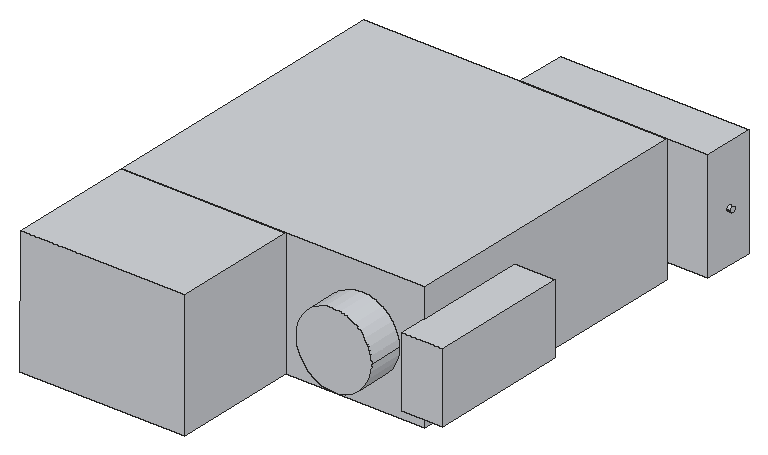
Revit family "ESTE-SERIES", category Mechanical Equipment, Revit 2018
Family settings
  Round Connector Dimension = Use Diameter
  Part Type = Normal
  OmniClass Number = 23.75.00.00
  OmniClass Title = Climate Control (HVAC)
  Work Plane-Based = No
  Always vertical = Yes
  Cut with Voids When Loaded = No
  Shared = No
  Room Calculation Point = No
Parameters (values of type "ESTE-3/4-HP-12R-S/ELBOW")
  Sound Elbow for RH = yes
  Sound Elbow for LH = no
  Q5Q = 1' - 8"
  Q5B = 2' - 0"
  Q5A = 1' - 8"
  Power Connect for RH = yes
  Power Connect for LH = no
  Model = "ESTE"
  Manufacturer = "ANEMOSTAT"
  Keynote = ""
  Inlet-offset = 0' - 4"
  Inlet for RH = yes
  Inlet for LH = no
  Inlet S = 0' - 5 1/2"
  Inlet Radius = Inlet Dia / 2  # 0' - 5 15/16"
  Inlet Dia = 0' - 11 7/8"
  Induction for RH = no
  Induction for LH = no
  Enclosure for RH = yes
  Enclosure for LH = no
  EnclWdim = 0' - 11 1/8"
  EnclOffset = 0' - 4 1/2"
  EnclLdim = 1' - 10 1/4"
  EnclHdim = 0' - 6 1/2"
  ESTH-offset = 0' - 6 1/2"
  ESTH-flange = 0' - 0 3/4"
  ESTH-depth = 0' - 8"
  ESTH-OAW = 2' - 5 1/4"
  ESTH-OAH = 1' - 5 1/2"
  ESTH for RH = yes
  ESTH for LH = no
  ESTE Discharge Offset = 0' - 4 1/2"
  Discharge for RH = yes
  Discharge for LH = no
  Discharge Width X = 1' - 7"
  Discharge Height Y = 1' - 4"
  Description = "SERIES ELECTRIC HEAT"
  DUCT-FLANGE = 0' - 1"
  DUCT-D = 1' - 6"
  DUCT-C = 1' - 9"
  Box W = 4' - 0"
  Box L = 4' - 0"
  Box H = 1' - 8"
  BoX H = 1' - 8"
Types (92): name | Sound Elbow for RH | Sound Elbow for LH | Q5Q | Q5B | Q5A | Power Connect for RH | Power Connect for LH | Model | Manufacturer | Inlet for RH | Inlet for LH | Inlet Radius | Inlet Dia | Induction for RH | Induction for LH | Enclosure for RH | Enclosure for LH | ESTH-OAW | ESTH-OAH | ESTH for RH | ESTH for LH | ESTE Discharge Offset | Discharge for RH | Discharge for LH | Discharge Width X | Discharge Height Y | Description | DUCT-D | DUCT-C | Box W | Box L | Box H | BoX H
  ESTE-1/2-HP-10L-S/ELBOW | no | yes | 1' - 6" | 1' - 6" | 1' - 6" | no | yes | "ESTE" | "ANEMOSTAT" | no | yes | 0' - 3 15/16" | 0' - 7 7/8" | no | no | no | yes | 1' - 9 3/4" | 1' - 0 1/2" | no | yes | 0' - 4 1/2" | no | yes | 0' - 11 1/2" | 0' - 11" | "SERIES ELECTRIC HEAT" | 1' - 4" | 1' - 0" | 2' - 8" | 3' - 0" | 1' - 6" | 1' - 6"
  ESTE-3/4-HP-10L-S/ELBOW | no | yes | 1' - 8" | 2' - 0" | 1' - 8" | no | yes | "ESTE" | "ANEMOSTAT" | no | yes | 0' - 4 15/16" | 0' - 9 7/8" | no | no | no | yes | 2' - 5 1/4" | 1' - 5 1/2" | no | yes | 0' - 4 1/2" | no | yes | 1' - 7" | 1' - 4" | "SERIES ELECTRIC HEAT" | 1' - 6" | 1' - 9" | 4' - 0" | 4' - 0" | 1' - 8" | 1' - 8"
  ESTE-1-HP-10L-S/ELBOW | no | yes | 1' - 8" | 2' - 0" | 1' - 8" | no | yes | "ESTE" | "ANEMOSTAT" | no | yes | 0' - 4 15/16" | 0' - 9 7/8" | no | no | no | yes | 2' - 5 1/4" | 1' - 5 1/2" | no | yes | 0' - 4 1/2" | no | yes | 1' - 7" | 1' - 4" | "SERIES ELECTRIC HEAT" | 1' - 6" | 1' - 9" | 4' - 0" | 4' - 0" | 1' - 8" | 1' - 8"
  ESTE-1/3-HP-10L-S/ELBOW | no | yes | 1' - 6" | 1' - 6" | 1' - 6" | no | yes | "ESTE" | "ANEMOSTAT" | no | yes | 0' - 4 15/16" | 0' - 9 7/8" | no | no | no | yes | 1' - 9 3/4" | 1' - 0 1/2" | no | yes | 0' - 4 1/2" | no | yes | 0' - 11 1/2" | 0' - 11" | "SERIES ELECTRIC HEAT" | 1' - 4" | 1' - 0" | 2' - 8" | 3' - 0" | 1' - 6" | 1' - 6"
  ESTE-1/2-HP-12L-S/ELBOW | no | yes | 1' - 6" | 1' - 8" | 1' - 6" | no | yes | "ESTE" | "ANEMOSTAT" | no | yes | 0' - 5 15/16" | 0' - 11 7/8" | no | no | no | yes | 2' - 0 1/4" | 1' - 1 1/2" | no | yes | 0' - 4 1/2" | no | yes | 1' - 2" | 1' - 0" | "SERIES ELECTRIC HEAT" | 1' - 4" | 1' - 5" | 3' - 4" | 3' - 4" | 1' - 6" | 1' - 6"
  ESTE-1/2-HP-14L-S/ELBOW | no | yes | 1' - 6" | 1' - 8" | 1' - 6" | no | yes | "ESTE" | "ANEMOSTAT" | no | yes | 0' - 6 15/16" | 1' - 1 7/8" | no | no | no | yes | 2' - 0 1/4" | 1' - 1 1/2" | no | yes | 0' - 4 1/2" | no | yes | 1' - 2" | 1' - 0" | "SERIES ELECTRIC HEAT" | 1' - 4" | 1' - 5" | 3' - 4" | 3' - 4" | 1' - 6" | 1' - 6"
  ESTE-1/2-HP-9L-S/ELBOW | no | yes | 1' - 6" | 1' - 8" | 1' - 6" | no | yes | "ESTE" | "ANEMOSTAT" | no | yes | 0' - 4 7/16" | 0' - 8 7/8" | no | no | no | yes | 2' - 0 1/4" | 1' - 1 1/2" | no | yes | 0' - 4 1/2" | no | yes | 1' - 2" | 1' - 0" | "SERIES ELECTRIC HEAT" | 1' - 4" | 1' - 5" | 3' - 4" | 3' - 4" | 1' - 6" | 1' - 6"
  ESTE-1/2-HP-8L-S/ELBOW | no | yes | 1' - 6" | 1' - 8" | 1' - 6" | no | yes | "ESTE" | "ANEMOSTAT" | no | yes | 0' - 3 15/16" | 0' - 7 7/8" | no | no | no | yes | 2' - 0 1/4" | 1' - 1 1/2" | no | yes | 0' - 4 1/2" | no | yes | 1' - 2" | 1' - 0" | "SERIES ELECTRIC HEAT" | 1' - 4" | 1' - 5" | 3' - 4" | 3' - 4" | 1' - 6" | 1' - 6"
  ESTE-1/2-HP-7L-S/ELBOW | no | yes | 1' - 6" | 1' - 8" | 1' - 6" | no | yes | "ESTE" | "ANEMOSTAT" | no | yes | 0' - 3 7/16" | 0' - 6 7/8" | no | no | no | yes | 2' - 0 1/4" | 1' - 1 1/2" | no | yes | 0' - 4 1/2" | no | yes | 1' - 2" | 1' - 0" | "SERIES ELECTRIC HEAT" | 1' - 4" | 1' - 5" | 3' - 4" | 3' - 4" | 1' - 6" | 1' - 6"
  ESTE-1/2-HP-6L-S/ELBOW | no | yes | 1' - 6" | 1' - 8" | 1' - 6" | no | yes | "ESTE" | "ANEMOSTAT" | no | yes | 0' - 2 15/16" | 0' - 5 7/8" | no | no | no | yes | 2' - 0 1/4" | 1' - 1 1/2" | no | yes | 0' - 4 1/2" | no | yes | 1' - 2" | 1' - 0" | "SERIES ELECTRIC HEAT" | 1' - 4" | 1' - 5" | 3' - 4" | 3' - 4" | 1' - 6" | 1' - 6"
  ESTE-3/4-HP-7L-S/ELBOW | no | yes | 1' - 8" | 2' - 0" | 1' - 8" | no | yes | "ESTE" | "ANEMOSTAT" | no | yes | 0' - 3 7/16" | 0' - 6 7/8" | no | yes | no | yes | 2' - 5 1/4" | 1' - 5 1/2" | no | yes | 0' - 4 1/2" | no | yes | 1' - 7" | 1' - 4" | "SERIES ELECTRIC HEAT" | 1' - 6" | 1' - 9" | 4' - 0" | 4' - 0" | 1' - 8" | 1' - 8"
  ESTE-3/4-HP-8L-W/OUT S/ELBOW | no | no | 1' - 8" | 2' - 0" | 1' - 8" | no | yes | "ESTE" | "ANEMOSTAT" | no | yes | 0' - 3 15/16" | 0' - 7 7/8" | no | yes | no | yes | 2' - 5 1/4" | 1' - 5 1/2" | no | yes | 0' - 4 1/2" | no | yes | 1' - 7" | 1' - 4" | "SERIES ELECTRIC HEAT" | 1' - 6" | 1' - 9" | 4' - 0" | 4' - 0" | 1' - 8" | 1' - 8"
  ESTE-3/4-HP-9L-S/ELBOW | no | yes | 1' - 8" | 2' - 0" | 1' - 8" | no | yes | "ESTE" | "ANEMOSTAT" | no | yes | 0' - 4 7/16" | 0' - 8 7/8" | no | no | no | yes | 2' - 5 1/4" | 1' - 5 1/2" | no | yes | 0' - 4 1/2" | no | yes | 1' - 7" | 1' - 4" | "SERIES ELECTRIC HEAT" | 1' - 6" | 1' - 9" | 4' - 0" | 4' - 0" | 1' - 8" | 1' - 8"
  ESTE-3/4-HP-12L-S/ELBOW | no | yes | 1' - 8" | 2' - 0" | 1' - 8" | no | yes | "ESTE" | "ANEMOSTAT" | no | yes | 0' - 5 15/16" | 0' - 11 7/8" | no | no | no | yes | 2' - 5 1/4" | 1' - 5 1/2" | no | yes | 0' - 4 1/2" | no | yes | 1' - 7" | 1' - 4" | "SERIES ELECTRIC HEAT" | 1' - 6" | 1' - 9" | 4' - 0" | 4' - 0" | 1' - 8" | 1' - 8"
  ESTE-3/4-HP-14L-S/ELBOW | no | yes | 1' - 8" | 2' - 0" | 1' - 8" | no | yes | "ESTE" | "ANEMOSTAT" | no | yes | 0' - 6 15/16" | 1' - 1 7/8" | no | no | no | yes | 2' - 5 1/4" | 1' - 5 1/2" | no | yes | 0' - 4 1/2" | no | yes | 1' - 7" | 1' - 4" | "SERIES ELECTRIC HEAT" | 1' - 6" | 1' - 9" | 4' - 0" | 4' - 0" | 1' - 8" | 1' - 8"
  ESTE-1-HP-9L-S/ELBOW | no | yes | 1' - 8" | 2' - 0" | 1' - 8" | no | yes | "ESTE" | "ANEMOSTAT" | no | yes | 0' - 4 7/16" | 0' - 8 7/8" | no | no | no | yes | 2' - 5 1/4" | 1' - 5 1/2" | no | yes | 0' - 4 1/2" | no | yes | 1' - 7" | 1' - 4" | "SERIES ELECTRIC HEAT" | 1' - 6" | 1' - 9" | 4' - 0" | 4' - 0" | 1' - 8" | 1' - 8"
  ESTE-1-HP-12L-S/ELBOW | no | yes | 1' - 8" | 2' - 0" | 1' - 8" | no | yes | "ESTE" | "ANEMOSTAT" | no | yes | 0' - 5 15/16" | 0' - 11 7/8" | no | no | no | yes | 2' - 5 1/4" | 1' - 5 1/2" | no | yes | 0' - 4 1/2" | no | yes | 1' - 7" | 1' - 4" | "SERIES ELECTRIC HEAT" | 1' - 6" | 1' - 9" | 4' - 0" | 4' - 0" | 1' - 8" | 1' - 8"
  ESTE-1-HP-14L-W/OUT S/ELBOW | no | no | 1' - 8" | 2' - 0" | 1' - 8" | no | yes | "ESTE" | "ANEMOSTAT" | no | yes | 0' - 6 15/16" | 1' - 1 7/8" | no | yes | no | yes | 2' - 5 1/4" | 1' - 5 1/2" | no | yes | 0' - 4 1/2" | no | yes | 1' - 7" | 1' - 4" | "SERIES ELECTRIC HEAT" | 1' - 6" | 1' - 9" | 4' - 0" | 4' - 0" | 1' - 8" | 1' - 8"
  ESTE-1-HP-16L-S/ELBOW | no | yes | 1' - 8" | 2' - 0" | 1' - 8" | no | yes | "ESTE" | "ANEMOSTAT" | no | yes | 0' - 7 15/16" | 1' - 3 7/8" | no | no | no | yes | 2' - 5 1/4" | 1' - 5 1/2" | no | yes | 0' - 4 1/2" | no | yes | 1' - 7" | 1' - 4" | "SERIES ELECTRIC HEAT" | 1' - 6" | 1' - 9" | 4' - 0" | 4' - 0" | 1' - 8" | 1' - 8"
  ESTE-1/2-HP-10R-S/ELBOW | yes | no | 1' - 6" | 1' - 8" | 1' - 6" | yes | no | "ESTE" | "ANEMOSTAT" | yes | no | 0' - 4 15/16" | 0' - 9 7/8" | no | no | yes | no | 2' - 0 1/4" | 1' - 1 1/2" | yes | no | 0' - 4 1/2" | yes | no | 1' - 2" | 1' - 0" | "SERIES ELECTRIC HEAT" | 1' - 4" | 1' - 5" | 3' - 4" | 3' - 4" | 1' - 6" | 1' - 6"
  ESTE-1/2-HP-12R-S/ELBOW | yes | no | 1' - 6" | 1' - 8" | 1' - 6" | yes | no | "ESTE" | "ANEMOSTAT" | yes | no | 0' - 5 15/16" | 0' - 11 7/8" | no | no | yes | no | 2' - 0 1/4" | 1' - 1 1/2" | yes | no | 0' - 4 1/2" | yes | no | 1' - 2" | 1' - 0" | "SERIES ELECTRIC HEAT" | 1' - 4" | 1' - 5" | 3' - 4" | 3' - 4" | 1' - 6" | 1' - 6"
  ESTE-1/2-HP-14R-S/ELBOW | yes | no | 1' - 6" | 1' - 8" | 1' - 6" | yes | no | "ESTE" | "ANEMOSTAT" | yes | no | 0' - 6 15/16" | 1' - 1 7/8" | no | no | yes | no | 2' - 0 1/4" | 1' - 1 1/2" | yes | no | 0' - 4 1/2" | yes | no | 1' - 2" | 1' - 0" | "SERIES ELECTRIC HEAT" | 1' - 4" | 1' - 5" | 3' - 4" | 3' - 4" | 1' - 6" | 1' - 6"
  ESTE-1/2-HP-6R-S/ELBOW | yes | no | 1' - 6" | 1' - 8" | 1' - 6" | yes | no | 0' - 0" | 0' - 0" | yes | no | 0' - 2 15/16" | 0' - 5 7/8" | no | no | yes | no | 2' - 0 1/4" | 1' - 1 1/2" | yes | no | 0' - 4 1/2" | yes | no | 1' - 2" | 1' - 0" | 0' - 0" | 1' - 4" | 1' - 5" | 3' - 4" | 3' - 4" | 1' - 6" | 1' - 6"
  ESTE-1/2-HP-7R-S/ELBOW | yes | no | 1' - 6" | 1' - 8" | 1' - 6" | yes | no | "ESTE" | "ANEMOSTAT" | yes | no | 0' - 3 7/16" | 0' - 6 7/8" | no | no | yes | no | 2' - 0 1/4" | 1' - 1 1/2" | yes | no | 0' - 4 1/2" | yes | no | 1' - 2" | 1' - 0" | "SERIES ELECTRIC HEAT" | 1' - 4" | 1' - 5" | 3' - 4" | 3' - 4" | 1' - 6" | 1' - 6"
  ESTE-1/2-HP-8R-S/ELBOW | yes | no | 1' - 6" | 1' - 8" | 1' - 6" | yes | no | "ESTE" | "ANEMOSTAT" | yes | no | 0' - 3 15/16" | 0' - 7 7/8" | no | no | yes | no | 2' - 0 1/4" | 1' - 1 1/2" | yes | no | 0' - 4 1/2" | yes | no | 1' - 2" | 1' - 0" | "SERIES ELECTRIC HEAT" | 1' - 4" | 1' - 5" | 3' - 4" | 3' - 4" | 1' - 6" | 1' - 6"
  ESTE-1/3-HP-10R-S/ELBOW | yes | no | 1' - 6" | 1' - 6" | 1' - 6" | yes | no | "ESTE" | "ANEMOSTAT" | yes | no | 0' - 4 15/16" | 0' - 9 7/8" | no | no | yes | no | 1' - 9 3/4" | 1' - 0 1/2" | yes | no | 0' - 4 1/2" | yes | no | 0' - 11 1/2" | 0' - 11" | "SERIES ELECTRIC HEAT" | 1' - 4" | 1' - 0" | 2' - 8" | 3' - 0" | 1' - 6" | 1' - 6"
  ESTE-1-HP-10R-S/ELBOW | yes | no | 1' - 8" | 2' - 0" | 1' - 8" | yes | no | "ESTE" | "ANEMOSTAT" | yes | no | 0' - 4 15/16" | 0' - 9 7/8" | no | no | yes | no | 2' - 5 1/4" | 1' - 5 1/2" | yes | no | 0' - 4 1/2" | yes | no | 1' - 7" | 1' - 4" | "SERIES ELECTRIC HEAT" | 1' - 6" | 1' - 9" | 4' - 0" | 4' - 0" | 1' - 8" | 1' - 8"
  ESTE-1-HP-12R-W/OUT S/ELBOW | no | no | 1' - 8" | 2' - 0" | 1' - 8" | yes | no | "ESTE" | "ANEMOSTAT" | yes | no | 0' - 5 15/16" | 0' - 11 7/8" | yes | no | yes | no | 2' - 5 1/4" | 1' - 5 1/2" | yes | no | 0' - 4 1/2" | yes | no | 1' - 7" | 1' - 4" | "SERIES ELECTRIC HEAT" | 1' - 6" | 1' - 9" | 4' - 0" | 4' - 0" | 1' - 8" | 1' - 8"
  ESTE-1-HP-14R-S/ELBOW | yes | no | 1' - 8" | 2' - 0" | 1' - 8" | yes | no | "ESTE" | "ANEMOSTAT" | yes | no | 0' - 6 15/16" | 1' - 1 7/8" | no | no | yes | no | 2' - 5 1/4" | 1' - 5 1/2" | yes | no | 0' - 4 1/2" | yes | no | 1' - 7" | 1' - 4" | "SERIES ELECTRIC HEAT" | 1' - 6" | 1' - 9" | 4' - 0" | 4' - 0" | 1' - 8" | 1' - 8"
  ESTE-1-HP-16R-S/ELBOW | yes | no | 1' - 8" | 2' - 0" | 1' - 8" | yes | no | "ESTE" | "ANEMOSTAT" | yes | no | 0' - 7 15/16" | 1' - 3 7/8" | no | no | yes | no | 2' - 5 1/4" | 1' - 5 1/2" | yes | no | 0' - 4 1/2" | yes | no | 1' - 7" | 1' - 4" | "SERIES ELECTRIC HEAT" | 1' - 6" | 1' - 9" | 4' - 0" | 4' - 0" | 1' - 8" | 1' - 8"
  ESTE-1-HP-9R-S/ELBOW | yes | no | 1' - 8" | 2' - 0" | 1' - 8" | yes | no | "ESTE" | "ANEMOSTAT" | yes | no | 0' - 4 7/16" | 0' - 8 7/8" | no | no | yes | no | 2' - 5 1/4" | 1' - 5 1/2" | yes | no | 0' - 4 1/2" | yes | no | 1' - 7" | 1' - 4" | "SERIES ELECTRIC HEAT" | 1' - 6" | 1' - 9" | 4' - 0" | 4' - 0" | 1' - 8" | 1' - 8"
  ESTE-3/4-HP-10R-S/ELBOW | yes | no | 1' - 8" | 2' - 0" | 1' - 8" | yes | no | "ESTE" | "ANEMOSTAT" | yes | no | 0' - 4 15/16" | 0' - 9 7/8" | no | no | yes | no | 2' - 5 1/4" | 1' - 5 1/2" | yes | no | 0' - 4 1/2" | yes | no | 1' - 7" | 1' - 4" | "SERIES ELECTRIC HEAT" | 1' - 6" | 1' - 9" | 4' - 0" | 4' - 0" | 1' - 8" | 1' - 8"
  ESTE-3/4-HP-12R-S/ELBOW | yes | no | 1' - 8" | 2' - 0" | 1' - 8" | yes | no | "ESTE" | "ANEMOSTAT" | yes | no | 0' - 5 15/16" | 0' - 11 7/8" | no | no | yes | no | 2' - 5 1/4" | 1' - 5 1/2" | yes | no | 0' - 4 1/2" | yes | no | 1' - 7" | 1' - 4" | "SERIES ELECTRIC HEAT" | 1' - 6" | 1' - 9" | 4' - 0" | 4' - 0" | 1' - 8" | 1' - 8"
  ESTE-3/4-HP-14R-S/ELBOW | yes | no | 1' - 8" | 2' - 0" | 1' - 8" | yes | no | "ESTE" | "ANEMOSTAT" | yes | no | 0' - 6 15/16" | 1' - 1 7/8" | no | no | yes | no | 2' - 5 1/4" | 1' - 5 1/2" | yes | no | 0' - 4 1/2" | yes | no | 1' - 7" | 1' - 4" | "SERIES ELECTRIC HEAT" | 1' - 6" | 1' - 9" | 4' - 0" | 4' - 0" | 1' - 8" | 1' - 8"
  ESTE-3/4-HP-7R-W/OUT S/ELBOW | no | no | 1' - 8" | 2' - 0" | 1' - 8" | yes | no | "ESTE" | "ANEMOSTAT" | yes | no | 0' - 3 7/16" | 0' - 6 7/8" | yes | no | yes | no | 2' - 5 1/4" | 1' - 5 1/2" | yes | no | 0' - 4 1/2" | yes | no | 1' - 7" | 1' - 4" | "SERIES ELECTRIC HEAT" | 1' - 6" | 1' - 9" | 4' - 0" | 4' - 0" | 1' - 8" | 1' - 8"
  ESTE-3/4-HP-8R-W/OUT S/ELBOW | no | no | 1' - 8" | 2' - 0" | 1' - 8" | yes | no | "ESTE" | "ANEMOSTAT" | yes | no | 0' - 3 15/16" | 0' - 7 7/8" | yes | no | yes | no | 2' - 5 1/4" | 1' - 5 1/2" | yes | no | 0' - 4 1/2" | yes | no | 1' - 7" | 1' - 4" | "SERIES ELECTRIC HEAT" | 1' - 4" | 1' - 9" | 4' - 0" | 4' - 0" | 1' - 8" | 1' - 8"
  ESTE-3/4-HP-9R-S/ELBOW | yes | no | 1' - 8" | 2' - 0" | 1' - 8" | yes | no | "ESTE" | "ANEMOSTAT" | yes | no | 0' - 4 7/16" | 0' - 8 7/8" | no | no | yes | no | 2' - 5 1/4" | 1' - 5 1/2" | yes | no | 0' - 4 1/2" | yes | no | 1' - 7" | 1' - 4" | "SERIES ELECTRIC HEAT" | 1' - 6" | 1' - 9" | 4' - 0" | 4' - 0" | 1' - 8" | 1' - 8"
  ESTE-1-HP-10L-W/OUT S/ELBOW | no | no | 1' - 8" | 2' - 0" | 1' - 8" | no | yes | "ESTE" | "ANEMOSTAT" | no | yes | 0' - 4 15/16" | 0' - 9 7/8" | no | yes | no | yes | 2' - 5 1/4" | 1' - 5 1/2" | no | yes | 0' - 4 1/2" | no | yes | 1' - 7" | 1' - 4" | "SERIES ELECTRIC HEAT" | 1' - 6" | 1' - 9" | 4' - 0" | 4' - 0" | 1' - 8" | 1' - 8"
  ESTE-1-HP-10R-W/OUT S/ELBOW | no | no | 1' - 8" | 2' - 0" | 1' - 8" | yes | no | "ESTE" | "ANEMOSTAT" | yes | no | 0' - 4 15/16" | 0' - 9 7/8" | yes | no | yes | no | 2' - 5 1/4" | 1' - 5 1/2" | yes | no | 0' - 4 1/2" | yes | no | 1' - 7" | 1' - 4" | "SERIES ELECTRIC HEAT" | 1' - 6" | 1' - 9" | 4' - 0" | 4' - 0" | 1' - 8" | 1' - 8"
  ESTE-1/2-HP-10L-W/OUT S/ELBOW | no | no | 1' - 6" | 1' - 8" | 1' - 6" | no | yes | "ESTE" | "ANEMOSTAT" | no | yes | 0' - 4 15/16" | 0' - 9 7/8" | no | yes | no | yes | 2' - 0 1/4" | 1' - 1 1/2" | no | yes | 0' - 4 1/2" | no | yes | 1' - 2" | 1' - 0" | "SERIES ELECTRIC HEAT" | 1' - 4" | 1' - 5" | 3' - 4" | 3' - 4" | 1' - 6" | 1' - 6"
  ESTE-1/2-HP-10R-W/OUT S/ELBOW | no | no | 1' - 6" | 1' - 8" | 1' - 6" | yes | no | "ESTE" | "ANEMOSTAT" | yes | no | 0' - 4 15/16" | 0' - 9 7/8" | yes | no | yes | no | 2' - 0 1/4" | 1' - 1 1/2" | yes | no | 0' - 4 1/2" | yes | no | 1' - 2" | 1' - 0" | "SERIES ELECTRIC HEAT" | 1' - 4" | 1' - 5" | 3' - 4" | 3' - 4" | 1' - 6" | 1' - 6"
  ESTE-1/2-HP-12L-W/OUT S/ELBOW | no | no | 1' - 6" | 1' - 8" | 1' - 6" | no | yes | "ESTE" | "ANEMOSTAT" | no | yes | 0' - 5 15/16" | 0' - 11 7/8" | no | yes | no | yes | 2' - 0 1/4" | 1' - 1 1/2" | no | yes | 0' - 4 1/2" | no | yes | 1' - 2" | 1' - 0" | "SERIES ELECTRIC HEAT" | 1' - 4" | 1' - 5" | 3' - 4" | 3' - 4" | 1' - 6" | 1' - 6"
  ESTE-1/2-HP-12R-W/OUT S/ELBOW | no | no | 1' - 6" | 1' - 8" | 1' - 6" | yes | no | "ESTE" | "ANEMOSTAT" | yes | no | 0' - 5 15/16" | 0' - 11 7/8" | yes | no | yes | no | 2' - 0 1/4" | 1' - 1 1/2" | yes | no | 0' - 4 1/2" | yes | no | 1' - 2" | 1' - 0" | "SERIES ELECTRIC HEAT" | 1' - 4" | 1' - 5" | 3' - 4" | 3' - 4" | 1' - 6" | 1' - 6"
  ESTE-1/2-HP-14L-W/OUT S/ELBOW | no | no | 1' - 6" | 1' - 8" | 1' - 6" | no | yes | "ESTE" | "ANEMOSTAT" | no | yes | 0' - 6 15/16" | 1' - 1 7/8" | no | yes | no | yes | 2' - 0 1/4" | 1' - 1 1/2" | no | yes | 0' - 4 1/2" | no | yes | 1' - 2" | 1' - 0" | "SERIES ELECTRIC HEAT" | 1' - 4" | 1' - 5" | 3' - 4" | 3' - 4" | 1' - 6" | 1' - 6"
  ESTE-1/2-HP-14R-W/OUT S/ELBOW | no | no | 1' - 6" | 1' - 8" | 1' - 6" | yes | no | "ESTE" | "ANEMOSTAT" | yes | no | 0' - 6 15/16" | 1' - 1 7/8" | yes | no | yes | no | 2' - 0 1/4" | 1' - 1 1/2" | yes | no | 0' - 4 1/2" | yes | no | 1' - 2" | 1' - 0" | "SERIES ELECTRIC HEAT" | 1' - 4" | 1' - 5" | 3' - 4" | 3' - 4" | 1' - 6" | 1' - 6"
  ESTE-1/2-HP-6L-W/OUT S/ELBOW | no | no | 1' - 6" | 1' - 8" | 1' - 6" | no | yes | "ESTE" | "ANEMOSTAT" | no | yes | 0' - 2 15/16" | 0' - 5 7/8" | no | yes | no | yes | 2' - 0 1/4" | 1' - 1 1/2" | no | yes | 0' - 4 1/2" | no | yes | 1' - 2" | 1' - 0" | "SERIES ELECTRIC HEAT" | 1' - 4" | 1' - 5" | 3' - 4" | 3' - 4" | 1' - 6" | 1' - 6"
  ESTE-1/2-HP-6R-W/OUT S/ELBOW | no | no | 1' - 6" | 1' - 8" | 1' - 6" | yes | no | "ESTE" | "ANEMOSTAT" | yes | no | 0' - 2 15/16" | 0' - 5 7/8" | yes | no | yes | no | 2' - 0 1/4" | 1' - 1 1/2" | yes | no | 0' - 4 1/2" | yes | no | 1' - 2" | 1' - 0" | "SERIES ELECTRIC HEAT" | 1' - 4" | 1' - 5" | 3' - 4" | 3' - 4" | 1' - 6" | 1' - 6"
  ESTE-1/2-HP-7L-W/OUT S/ELBOW | no | no | 1' - 6" | 1' - 8" | 1' - 6" | no | yes | "ESTE" | "ANEMOSTAT" | no | yes | 0' - 3 7/16" | 0' - 6 7/8" | no | yes | no | yes | 2' - 0 1/4" | 1' - 1 1/2" | no | yes | 0' - 4 1/2" | no | yes | 1' - 2" | 1' - 0" | "SERIES ELECTRIC HEAT" | 1' - 4" | 1' - 5" | 3' - 4" | 3' - 4" | 1' - 6" | 1' - 6"
  ESTE-1/2-HP-7R-W/OUT S/ELBOW | no | no | 1' - 6" | 1' - 8" | 1' - 6" | yes | no | "ESTE" | "ANEMOSTAT" | yes | no | 0' - 3 7/16" | 0' - 6 7/8" | yes | no | yes | no | 2' - 0 1/4" | 1' - 1 1/2" | yes | no | 0' - 4 1/2" | yes | no | 1' - 2" | 1' - 0" | "SERIES ELECTRIC HEAT" | 1' - 4" | 1' - 5" | 3' - 4" | 3' - 4" | 1' - 6" | 1' - 6"
  ESTE-1/2-HP-8L-W/OUT S/ELBOW | no | no | 1' - 6" | 1' - 8" | 1' - 6" | no | yes | "ESTE" | "ANEMOSTAT" | no | yes | 0' - 3 15/16" | 0' - 7 7/8" | no | yes | no | yes | 2' - 0 1/4" | 1' - 1 1/2" | no | yes | 0' - 4 1/2" | no | yes | 1' - 2" | 1' - 0" | "SERIES ELECTRIC HEAT" | 1' - 4" | 1' - 5" | 3' - 4" | 3' - 4" | 1' - 6" | 1' - 6"
  ESTE-1/2-HP-8R-W/OUT S/ELBOW | no | no | 1' - 6" | 1' - 8" | 1' - 6" | yes | no | "ESTE" | "ANEMOSTAT" | yes | no | 0' - 3 15/16" | 0' - 7 7/8" | yes | no | yes | no | 2' - 0 1/4" | 1' - 1 1/2" | yes | no | 0' - 4 1/2" | yes | no | 1' - 2" | 1' - 0" | "SERIES ELECTRIC HEAT" | 1' - 4" | 1' - 5" | 3' - 4" | 3' - 4" | 1' - 6" | 1' - 6"
  ESTE-1/2-HP-9R-S/ELBOW | yes | no | 1' - 6" | 1' - 8" | 1' - 6" | yes | no | "ESTE" | "ANEMOSTAT" | yes | no | 0' - 4 7/16" | 0' - 8 7/8" | no | no | yes | no | 2' - 0 1/4" | 1' - 1 1/2" | yes | no | 0' - 4 1/2" | yes | no | 1' - 2" | 1' - 0" | "SERIES ELECTRIC HEAT" | 1' - 4" | 1' - 5" | 3' - 4" | 3' - 4" | 1' - 6" | 1' - 6"
  ESTE-1/3-HP-6R-W/OUT S/ELBOW | no | no | 1' - 6" | 1' - 6" | 1' - 6" | yes | no | "ESTE" | "ANEMOSTAT" | yes | no | 0' - 2 15/16" | 0' - 5 7/8" | yes | no | yes | no | 1' - 9 3/4" | 1' - 0 1/2" | yes | no | 0' - 4 1/2" | yes | no | 0' - 11 1/2" | 0' - 11" | "SERIES ELECTRIC HEAT" | 1' - 4" | 1' - 5" | 2' - 8" | 3' - 0" | 1' - 6" | 1' - 6"
  ESTE-1/3-HP-7R-W/OUT S/ELBOW | no | no | 1' - 6" | 1' - 6" | 1' - 6" | yes | no | "ESTE" | "ANEMOSTAT" | yes | no | 0' - 3 7/16" | 0' - 6 7/8" | yes | no | yes | no | 1' - 9 3/4" | 1' - 0 1/2" | yes | no | 0' - 4 1/2" | yes | no | 0' - 11 1/2" | 0' - 11" | "SERIES ELECTRIC HEAT" | 1' - 4" | 1' - 0" | 2' - 8" | 3' - 0" | 1' - 6" | 1' - 6"
  ESTE-1/3-HP-8R-W/OUT S/ELBOW | no | no | 1' - 6" | 1' - 6" | 1' - 6" | yes | no | "ESTE" | "ANEMOSTAT" | yes | no | 0' - 3 15/16" | 0' - 7 7/8" | yes | no | yes | no | 1' - 9 3/4" | 1' - 0 1/2" | yes | no | 0' - 4 1/2" | yes | no | 0' - 11 1/2" | 0' - 11" | "SERIES ELECTRIC HEAT" | 1' - 4" | 1' - 0" | 2' - 8" | 3' - 0" | 1' - 6" | 1' - 6"
  ESTE-1/3-HP-8L-W/OUT S/ELBOW | no | no | 1' - 6" | 1' - 6" | 1' - 6" | no | yes | "ESTE" | "ANEMOSTAT" | no | yes | 0' - 3 15/16" | 0' - 7 7/8" | no | yes | no | yes | 1' - 9 3/4" | 1' - 0 1/2" | no | yes | 0' - 4 1/2" | no | yes | 0' - 11 1/2" | 0' - 11" | "SERIES ELECTRIC HEAT" | 1' - 4" | 1' - 0" | 2' - 8" | 3' - 0" | 1' - 6" | 1' - 6"
  ESTE-1/3-HP-9L-W/OUT S/ELBOW | no | no | 1' - 6" | 1' - 6" | 1' - 6" | no | yes | "ESTE" | "ANEMOSTAT" | no | yes | 0' - 4 7/16" | 0' - 8 7/8" | no | yes | no | yes | 1' - 9 3/4" | 1' - 0 1/2" | no | yes | 0' - 4 1/2" | no | yes | 0' - 11 1/2" | 0' - 11" | "SERIES ELECTRIC HEAT" | 1' - 4" | 1' - 0" | 2' - 8" | 3' - 0" | 1' - 6" | 1' - 6"
  ESTE-1/3-HP-9R-W/OUT S/ELBOW | no | no | 1' - 6" | 1' - 6" | 1' - 6" | yes | no | "ESTE" | "ANEMOSTAT" | yes | no | 0' - 4 7/16" | 0' - 8 7/8" | yes | no | yes | no | 1' - 9 3/4" | 1' - 0 1/2" | yes | no | 0' - 4 1/2" | yes | no | 0' - 11 1/2" | 0' - 11" | "SERIES ELECTRIC HEAT" | 1' - 4" | 1' - 0" | 2' - 8" | 3' - 0" | 1' - 6" | 1' - 6"
  ESTE-1/3-HP-10L-W/OUT S/ELBOW | no | no | 1' - 6" | 1' - 6" | 1' - 6" | no | yes | "ESTE" | "ANEMOSTAT" | no | yes | 0' - 4 15/16" | 0' - 9 7/8" | no | yes | no | yes | 1' - 9 3/4" | 1' - 0 1/2" | no | yes | 0' - 4 1/2" | no | yes | 0' - 11 1/2" | 0' - 11" | "SERIES ELECTRIC HEAT" | 1' - 4" | 1' - 0" | 2' - 8" | 3' - 0" | 1' - 6" | 1' - 6"
  ESTE-1/3-HP-10R-W/OUT S/ELBOW | no | no | 1' - 6" | 1' - 6" | 1' - 6" | yes | no | "ESTE" | "ANEMOSTAT" | yes | no | 0' - 4 15/16" | 0' - 9 7/8" | yes | no | yes | no | 1' - 9 3/4" | 1' - 0 1/2" | yes | no | 0' - 3" | yes | no | 0' - 11 1/2" | 0' - 11" | "SERIES ELECTRIC HEAT" | 1' - 4" | 1' - 0" | 2' - 8" | 3' - 0" | 1' - 6" | 1' - 6"
  ESTE-1/2-HP-9L-W/OUT S/ELBOW | no | no | 1' - 6" | 1' - 8" | 1' - 6" | no | yes | "ESTE" | "ANEMOSTAT" | no | yes | 0' - 4 7/16" | 0' - 8 7/8" | no | yes | no | yes | 2' - 0 1/4" | 1' - 1 1/2" | no | yes | 0' - 4 1/2" | no | yes | 1' - 2" | 1' - 0" | "SERIES ELECTRIC HEAT" | 1' - 4" | 1' - 5" | 3' - 4" | 3' - 4" | 1' - 6" | 1' - 6"
  ESTE-1/2-HP-9R-W/OUT S/ELBOW | no | no | 1' - 6" | 1' - 8" | 1' - 6" | yes | no | "ESTE" | "ANEMOSTAT" | yes | no | 0' - 4 7/16" | 0' - 8 7/8" | yes | no | yes | no | 2' - 0 1/4" | 1' - 1 1/2" | yes | no | 0' - 4 1/2" | yes | no | 1' - 2" | 1' - 0" | "SERIES ELECTRIC HEAT" | 1' - 4" | 1' - 5" | 3' - 4" | 3' - 4" | 1' - 6" | 1' - 6"
  ESTE-1/3-HP-6L-W/OUT S/ELBOW | no | no | 1' - 6" | 1' - 6" | 1' - 6" | no | yes | "ESTE" | "ANEMOSTAT" | no | yes | 0' - 2 15/16" | 0' - 5 7/8" | no | yes | no | yes | 1' - 9 3/4" | 1' - 0 1/2" | no | yes | 0' - 4 1/2" | no | yes | 0' - 11 1/2" | 0' - 11" | "SERIES ELECTRIC HEAT" | 1' - 4" | 1' - 5" | 2' - 8" | 3' - 0" | 1' - 6" | 1' - 6"
  ESTE-1/3-HP-6L-S/ELBOW | no | yes | 1' - 6" | 1' - 6" | 1' - 6" | no | yes | "ESTE" | "ANEMOSTAT" | no | yes | 0' - 2 15/16" | 0' - 5 7/8" | no | no | no | yes | 1' - 9 3/4" | 1' - 0 1/2" | no | yes | 0' - 4 1/2" | no | yes | 0' - 11 1/2" | 0' - 11" | "SERIES ELECTRIC HEAT" | 1' - 4" | 1' - 5" | 2' - 8" | 3' - 0" | 1' - 6" | 1' - 6"
  ESTE-1/3-HP-6R-S/ELBOW | yes | no | 1' - 6" | 1' - 6" | 1' - 6" | yes | no | "ESTE" | "ANEMOSTAT" | yes | no | 0' - 2 15/16" | 0' - 5 7/8" | no | no | yes | no | 1' - 9 3/4" | 1' - 0 1/2" | yes | no | 0' - 4 1/2" | yes | no | 0' - 11 1/2" | 0' - 11" | "SERIES ELECTRIC HEAT" | 1' - 4" | 1' - 5" | 2' - 8" | 3' - 0" | 1' - 6" | 1' - 6"
  ESTE-1/3-HP-7R-S/ELBOW | yes | no | 1' - 6" | 1' - 6" | 1' - 6" | yes | no | "ESTE" | "ANEMOSTAT" | yes | no | 0' - 3 7/16" | 0' - 6 7/8" | no | no | yes | no | 1' - 9 3/4" | 1' - 0 1/2" | yes | no | 0' - 4 1/2" | yes | no | 0' - 11 1/2" | 0' - 11" | "SERIES ELECTRIC HEAT" | 1' - 4" | 1' - 0" | 2' - 8" | 3' - 0" | 1' - 6" | 1' - 6"
  ESTE-1/3-HP-7L-S/ELBOW | no | yes | 1' - 6" | 1' - 6" | 1' - 6" | no | yes | "ESTE" | "ANEMOSTAT" | no | yes | 0' - 3 7/16" | 0' - 6 7/8" | no | no | no | yes | 1' - 9 3/4" | 1' - 0 1/2" | no | yes | 0' - 4 1/2" | no | yes | 0' - 11 1/2" | 0' - 11" | "SERIES ELECTRIC HEAT" | 1' - 4" | 1' - 0" | 2' - 8" | 3' - 0" | 1' - 6" | 1' - 6"
  ESTE-1/3-HP-7L-W/OUT S/ELBOW | no | no | 1' - 6" | 1' - 6" | 1' - 6" | no | yes | "ESTE" | "ANEMOSTAT" | no | yes | 0' - 3 7/16" | 0' - 6 7/8" | no | yes | no | yes | 1' - 9 3/4" | 1' - 0 1/2" | no | yes | 0' - 4 1/2" | no | yes | 0' - 11 1/2" | 0' - 11" | "SERIES ELECTRIC HEAT" | 1' - 4" | 1' - 0" | 2' - 8" | 3' - 0" | 1' - 6" | 1' - 6"
  ESTE-1/3-HP-8L-S/ELBOW | no | yes | 1' - 6" | 1' - 6" | 1' - 6" | no | yes | "ESTE" | "ANEMOSTAT" | no | yes | 0' - 3 15/16" | 0' - 7 7/8" | no | no | no | yes | 1' - 9 3/4" | 1' - 0 1/2" | no | yes | 0' - 4 1/2" | no | yes | 0' - 11 1/2" | 0' - 11" | "SERIES ELECTRIC HEAT" | 1' - 4" | 1' - 0" | 2' - 8" | 3' - 0" | 1' - 6" | 1' - 6"
  ESTE-1/3-HP-8R-S/ELBOW | yes | no | 1' - 6" | 1' - 6" | 1' - 6" | yes | no | "ESTE" | "ANEMOSTAT" | yes | no | 0' - 3 15/16" | 0' - 7 7/8" | no | no | yes | no | 1' - 9 3/4" | 1' - 0 1/2" | yes | no | 0' - 4 1/2" | yes | no | 0' - 11 1/2" | 0' - 11" | "SERIES ELECTRIC HEAT" | 1' - 4" | 1' - 0" | 2' - 8" | 3' - 0" | 1' - 6" | 1' - 6"
  ESTE-1/3-HP-9L-S/ELBOW | no | yes | 1' - 6" | 1' - 6" | 1' - 6" | no | yes | "ESTE" | "ANEMOSTAT" | no | yes | 0' - 4 7/16" | 0' - 8 7/8" | no | no | no | yes | 1' - 9 3/4" | 1' - 0 1/2" | no | yes | 0' - 4 1/2" | no | yes | 0' - 11 1/2" | 0' - 11" | "SERIES ELECTRIC HEAT" | 1' - 4" | 1' - 0" | 2' - 8" | 3' - 0" | 1' - 6" | 1' - 6"
  ESTE-1/3-HP-9R-S/ELBOW | yes | no | 1' - 6" | 1' - 6" | 1' - 6" | yes | no | "ESTE" | "ANEMOSTAT" | yes | no | 0' - 4 7/16" | 0' - 8 7/8" | no | no | yes | no | 1' - 9 3/4" | 1' - 0 1/2" | yes | no | 0' - 4 1/2" | yes | no | 0' - 11 1/2" | 0' - 11" | "SERIES ELECTRIC HEAT" | 1' - 4" | 1' - 0" | 2' - 8" | 3' - 0" | 1' - 6" | 1' - 6"
  ESTE-1-HP-12L-W/OUT S/ELBOW | no | no | 1' - 8" | 2' - 0" | 1' - 8" | no | yes | "ESTE" | "ANEMOSTAT" | no | yes | 0' - 5 15/16" | 0' - 11 7/8" | no | yes | no | yes | 2' - 5 1/4" | 1' - 5 1/2" | no | yes | 0' - 4 1/2" | no | yes | 1' - 7" | 1' - 4" | "SERIES ELECTRIC HEAT" | 1' - 6" | 1' - 9" | 4' - 0" | 4' - 0" | 1' - 8" | 1' - 8"
  ESTE-1-HP-12R-S/ELBOW | yes | no | 1' - 8" | 2' - 0" | 1' - 8" | yes | no | "ESTE" | "ANEMOSTAT" | yes | no | 0' - 5 15/16" | 0' - 11 7/8" | no | no | yes | no | 2' - 5 1/4" | 1' - 5 1/2" | yes | no | 0' - 4 1/2" | yes | no | 1' - 7" | 1' - 4" | "SERIES ELECTRIC HEAT" | 1' - 6" | 1' - 9" | 4' - 0" | 4' - 0" | 1' - 8" | 1' - 8"
  ESTE-1-HP-14L-S/ELBOW | no | yes | 1' - 8" | 2' - 0" | 1' - 8" | no | yes | "ESTE" | "ANEMOSTAT" | no | yes | 0' - 6 15/16" | 1' - 1 7/8" | no | no | no | yes | 2' - 5 1/4" | 1' - 5 1/2" | no | yes | 0' - 4 1/2" | no | yes | 1' - 7" | 1' - 4" | "SERIES ELECTRIC HEAT" | 1' - 6" | 1' - 9" | 4' - 0" | 4' - 0" | 1' - 8" | 1' - 8"
  ESTE-1-HP-14R-W/OUT S/ELBOW | no | no | 1' - 8" | 2' - 0" | 1' - 8" | yes | no | "ESTE" | "ANEMOSTAT" | yes | no | 0' - 6 15/16" | 1' - 1 7/8" | yes | no | yes | no | 2' - 5 1/4" | 1' - 5 1/2" | yes | no | 0' - 4 1/2" | yes | no | 1' - 7" | 1' - 4" | "SERIES ELECTRIC HEAT" | 1' - 6" | 1' - 9" | 4' - 0" | 4' - 0" | 1' - 8" | 1' - 8"
  ESTE-1-HP-16L-W/OUT S/ELBOW | no | no | 1' - 8" | 2' - 0" | 1' - 8" | no | yes | "ESTE" | "ANEMOSTAT" | no | yes | 0' - 7 15/16" | 1' - 3 7/8" | no | yes | no | yes | 2' - 5 1/4" | 1' - 5 1/2" | no | yes | 0' - 4 1/2" | no | yes | 1' - 7" | 1' - 4" | "SERIES ELECTRIC HEAT" | 1' - 6" | 1' - 9" | 4' - 0" | 4' - 0" | 1' - 8" | 1' - 8"
  ESTE-1-HP-16R-W/OUT S/ELBOW | no | no | 1' - 8" | 2' - 0" | 1' - 8" | yes | no | "ESTE" | "ANEMOSTAT" | yes | no | 0' - 7 15/16" | 1' - 3 7/8" | yes | no | yes | no | 2' - 5 1/4" | 1' - 5 1/2" | yes | no | 0' - 4 1/2" | yes | no | 1' - 7" | 1' - 4" | "SERIES ELECTRIC HEAT" | 1' - 6" | 1' - 9" | 4' - 0" | 4' - 0" | 1' - 8" | 1' - 8"
  ESTE-1-HP-9L-W/OUT S/ELBOW | no | no | 1' - 8" | 2' - 0" | 1' - 8" | no | yes | "ESTE" | "ANEMOSTAT" | no | yes | 0' - 4 7/16" | 0' - 8 7/8" | no | yes | no | yes | 2' - 5 1/4" | 1' - 5 1/2" | no | yes | 0' - 4 1/2" | no | yes | 1' - 7" | 1' - 4" | "SERIES ELECTRIC HEAT" | 1' - 6" | 1' - 9" | 4' - 0" | 4' - 0" | 1' - 8" | 1' - 8"
  ESTE-1-HP-9R-W/OUT S/ELBOW | no | no | 1' - 8" | 2' - 0" | 1' - 8" | yes | no | "ESTE" | "ANEMOSTAT" | yes | no | 0' - 4 7/16" | 0' - 8 7/8" | yes | no | yes | no | 2' - 5 1/4" | 1' - 5 1/2" | yes | no | 0' - 4 1/2" | yes | no | 1' - 7" | 1' - 4" | "SERIES ELECTRIC HEAT" | 1' - 6" | 1' - 9" | 4' - 0" | 4' - 0" | 1' - 8" | 1' - 8"
  ESTE-3/4-HP-10L-W/OUT S/ELBOW | no | no | 1' - 8" | 2' - 0" | 1' - 8" | no | yes | "ESTE" | "ANEMOSTAT" | no | yes | 0' - 4 15/16" | 0' - 9 7/8" | no | yes | no | yes | 2' - 5 1/4" | 1' - 5 1/2" | no | yes | 0' - 4 1/2" | no | yes | 1' - 7" | 1' - 4" | "SERIES ELECTRIC HEAT" | 1' - 6" | 1' - 9" | 4' - 0" | 4' - 0" | 1' - 8" | 1' - 8"
  ESTE-3/4-HP-10R-W/OUT S/ELBOW | no | no | 1' - 8" | 2' - 0" | 1' - 8" | yes | no | "ESTE" | "ANEMOSTAT" | yes | no | 0' - 4 15/16" | 0' - 9 7/8" | yes | no | yes | no | 2' - 5 1/4" | 1' - 5 1/2" | yes | no | 0' - 4 1/2" | yes | no | 1' - 7" | 1' - 4" | "SERIES ELECTRIC HEAT" | 1' - 6" | 1' - 9" | 4' - 0" | 4' - 0" | 1' - 8" | 1' - 8"
  ESTE-3/4-HP-12L-W/OUT S/ELBOW | no | no | 1' - 8" | 2' - 0" | 1' - 8" | no | yes | "ESTE" | "ANEMOSTAT" | no | yes | 0' - 5 15/16" | 0' - 11 7/8" | no | yes | no | yes | 2' - 5 1/4" | 1' - 5 1/2" | no | yes | 0' - 4 1/2" | no | yes | 1' - 7" | 1' - 4" | "SERIES ELECTRIC HEAT" | 1' - 6" | 1' - 9" | 4' - 0" | 4' - 0" | 1' - 8" | 1' - 8"
  ESTE-3/4-HP-12R-W/OUT S/ELBOW | no | no | 1' - 8" | 2' - 0" | 1' - 8" | yes | no | "ESTE" | "ANEMOSTAT" | yes | no | 0' - 5 15/16" | 0' - 11 7/8" | yes | no | yes | no | 2' - 5 1/4" | 1' - 5 1/2" | yes | no | 0' - 4 1/2" | yes | no | 1' - 7" | 1' - 4" | "SERIES ELECTRIC HEAT" | 1' - 6" | 1' - 9" | 4' - 0" | 4' - 0" | 1' - 8" | 1' - 8"
  ESTE-3/4-HP-14L-W/OUT S/ELBOW | no | no | 1' - 8" | 2' - 0" | 1' - 8" | no | yes | "ESTE" | "ANEMOSTAT" | no | yes | 0' - 6 15/16" | 1' - 1 7/8" | no | yes | no | yes | 2' - 5 1/4" | 1' - 5 1/2" | no | yes | 0' - 4 1/2" | no | yes | 1' - 7" | 1' - 4" | "SERIES ELECTRIC HEAT" | 1' - 6" | 1' - 9" | 4' - 0" | 4' - 0" | 1' - 8" | 1' - 8"
  ESTE-3/4-HP-14R-W/OUT S/ELBOW | no | no | 1' - 8" | 2' - 0" | 1' - 8" | yes | no | "ESTE" | "ANEMOSTAT" | yes | no | 0' - 6 15/16" | 1' - 1 7/8" | yes | no | yes | no | 2' - 5 1/4" | 1' - 5 1/2" | yes | no | 0' - 4 1/2" | yes | no | 1' - 7" | 1' - 4" | "SERIES ELECTRIC HEAT" | 1' - 6" | 1' - 9" | 4' - 0" | 4' - 0" | 1' - 8" | 1' - 8"
  ESTE-3/4-HP-9R-W/OUT S/ELBOW | no | no | 1' - 8" | 2' - 0" | 1' - 8" | yes | no | "ESTE" | "ANEMOSTAT" | yes | no | 0' - 4 7/16" | 0' - 8 7/8" | yes | no | yes | no | 2' - 5 1/4" | 1' - 5 1/2" | yes | no | 0' - 4 1/2" | yes | no | 1' - 7" | 1' - 4" | "SERIES ELECTRIC HEAT" | 1' - 6" | 1' - 9" | 4' - 0" | 4' - 0" | 1' - 8" | 1' - 8"
  ESTE-3/4-HP-9L-W/OUT S/ELBOW | no | no | 1' - 8" | 2' - 0" | 1' - 8" | no | yes | "ESTE" | "ANEMOSTAT" | no | yes | 0' - 4 7/16" | 0' - 8 7/8" | no | yes | no | yes | 2' - 5 1/4" | 1' - 5 1/2" | no | yes | 0' - 4 1/2" | no | yes | 1' - 7" | 1' - 4" | "SERIES ELECTRIC HEAT" | 1' - 6" | 1' - 9" | 4' - 0" | 4' - 0" | 1' - 8" | 1' - 8"
  ESTE-3/4-HP-8R-S/ELBOW | yes | no | 1' - 8" | 2' - 0" | 1' - 8" | yes | no | "ESTE" | "ANEMOSTAT" | yes | no | 0' - 3 15/16" | 0' - 7 7/8" | no | no | yes | no | 2' - 5 1/4" | 1' - 5 1/2" | yes | no | 0' - 4 1/2" | yes | no | 1' - 7" | 1' - 4" | "SERIES ELECTRIC HEAT" | 1' - 4" | 1' - 9" | 4' - 0" | 4' - 0" | 1' - 8" | 1' - 8"
  ESTE-3/4-HP-8L-S/ELBOW | no | yes | 1' - 8" | 2' - 0" | 1' - 8" | no | yes | "ESTE" | "ANEMOSTAT" | no | yes | 0' - 3 15/16" | 0' - 7 7/8" | no | no | no | yes | 2' - 5 1/4" | 1' - 5 1/2" | no | yes | 0' - 4 1/2" | no | yes | 1' - 7" | 1' - 4" | "SERIES ELECTRIC HEAT" | 1' - 6" | 1' - 9" | 4' - 0" | 4' - 0" | 1' - 8" | 1' - 8"
  ESTE-3/4-HP-7R-S/ELBOW | yes | no | 1' - 8" | 2' - 0" | 1' - 8" | yes | no | "ESTE" | "ANEMOSTAT" | yes | no | 0' - 3 7/16" | 0' - 6 7/8" | no | no | yes | no | 2' - 5 1/4" | 1' - 5 1/2" | yes | no | 0' - 4 1/2" | yes | no | 1' - 7" | 1' - 4" | "SERIES ELECTRIC HEAT" | 1' - 6" | 1' - 9" | 4' - 0" | 4' - 0" | 1' - 8" | 1' - 8"
  ESTE-3/4-HP-7L-W/OUT S/ELBOW | no | no | 1' - 8" | 2' - 0" | 1' - 8" | no | yes | "ESTE" | "ANEMOSTAT" | no | yes | 0' - 3 7/16" | 0' - 6 7/8" | no | yes | no | yes | 2' - 5 1/4" | 1' - 5 1/2" | no | yes | 0' - 4 1/2" | no | yes | 1' - 7" | 1' - 4" | "SERIES ELECTRIC HEAT" | 1' - 6" | 1' - 9" | 4' - 0" | 4' - 0" | 1' - 8" | 1' - 8"
Reference planes (in)
  plane 1 "Center (Front/Back)": y = 0
  plane 2: z = 0
  plane 3 "Center (Left/Right)": x = 0
  plane 4 "RH SIDE": x = 24
  plane 5 "LH SIDE": x = -24
  plane 6 "DISCHARGE SIDE": y = 24
  plane 7 "INLET SIDE": y = -24
  plane 8: z = 10
  plane 9: z = -10
  plane 10 "Inlet Face": y = -29.5
  plane 11 "Q5 Face": y = -44
  plane 12 "Induction Face": y = -25
  plane 13 "ESTE Face": y = 32
  plane 14 "Controller Face": x = -30.5
  plane 15: x = -20
  plane 16: x = -8.125
  plane 17: x = -14.0625
  plane 18: x = 0
  plane 19: x = 2
  plane 20: z = 9
  plane 21: z = -9
  plane 22: x = 23
  plane 23: y = -28.5
  plane 24: z = 5.5625
  plane 25: z = -5.5625
  plane 26: y = -6.25
  plane 27: x = -30.5
  plane 28: z = -7.5
  plane 29: x = -1.25
  plane 30 "ESTE-Discharge": y = 32.75
  plane 31: z = 9.25
  plane 32: z = -6.75
  plane 33: x = -2
  plane 34 "Power Connect": x = -31.25
  plane 35: y = 28
  plane 36: z = 0.75
  plane 37: x = 2
  plane 38 "Enclosure RH face": x = 30.5
  plane 39 "Power Connect RH": x = 31.25
  plane 40: x = 30.5
  plane 41: x = 1.25
  plane 42: z = 9.25
  plane 43: x = 2
  plane 44: x = 20
  plane 45: x = 14.0625
  plane 46: x = 8.125
Forms (in)
  Extrusion 1, solid
    sketch origin (0, -24, 0) x (-1, 0, 0) y (0, 0, 1)
      loop
        line (-24, 10) -> (-24, -10) -> (24, -10) -> (24, 10) -> (-24, 10)
    from 0 to 48 <- "Box L"
  Extrusion 2, solid, visible <- "Inlet for LH"
    sketch origin (0, -29.5, 0) x (1, 0, 0) y (0, 0, -1)
      loop
        circle (-14.0625, 0) r 5.9375
    from 0 to 5.5 <- "Inlet S"
  Extrusion 3, solid, visible <- "Sound Elbow for LH"
    sketch origin (0, -44, 0) x (1, 0, 0) y (0, 0, -1)
      loop
        line (0, -10) -> (24, -10) -> (24, 10) -> (0, 10) -> (0, -10)
    from 0 to 20 <- "Q5Q"
  Extrusion 4, solid, visible <- "Induction for LH"
    sketch origin (0, -25, 0) x (1, 0, 0) y (0, 0, -1)
      loop
        line (2, -9) -> (23, -9) -> (23, 9) -> (2, 9) -> (2, -9)
    from 0 to 1 <- "DUCT-FLANGE"
  Extrusion 5, solid, visible <- "Enclosure for RH"
    sketch origin (30.5, 0, 0) x (0, 1, 0) y (0, 0, -1)
      loop
        line (-6.25, -5.5625) -> (-6.25, 5.5625) -> (-28.5, 5.5625) -> (-28.5, -5.5625) -> (-6.25, -5.5625)
    from 0 to 6.5 <- "EnclHdim"
  Extrusion 6, solid, visible <- "ESTH for LH"
    sketch origin (0, 24, 0) x (-1, 0, 0) y (0, 0, 1)
      loop
        line (30.5, 10) -> (1.25, 10) -> (1.25, -7.5) -> (30.5, -7.5) -> (30.5, 10)
    from 0 to 8 <- "ESTH-depth"
  Extrusion 7, solid, visible <- "Discharge for LH"
    sketch origin (0, 32.75, 0) x (-1, 0, 0) y (0, 0, -1)
      loop
        line (2, -9.25) -> (19.5, -9.25) -> (19.5, 6.75) -> (2, 6.75) -> (2, -9.25)
    from 0 to 0.75 <- "ESTH-flange"
  Extrusion 8, solid, visible <- "Power Connect for LH"
    sketch origin (-31.25, 0, 0) x (0, 1, 0) y (0, 0, 1)
      loop
        circle (28, 0.75) r 0.375
    from 0 to 0.75 <- "ESTH-flange"
  Extrusion 9, solid, visible <- "ESTH for RH"
    sketch origin (0, 24, 0) x (1, 0, 0) y (0, 0, -1)
      loop
        line (30.5, -10) -> (30.5, 7.5) -> (0.75, 7.5) -> (0.75, -10) -> (30.5, -10)
    from 0 to 8 <- "ESTH-depth"
  Extrusion 10, solid, visible <- "Induction for RH"
    sketch origin (0, -25, 0) x (-1, 0, 0) y (0, 0, 1)
      loop
        line (6, 9) -> (6, -9) -> (23, -9) -> (23, 9) -> (6, 9)
    from 0 to 1 <- "DUCT-FLANGE"
  Extrusion 11, solid, visible <- "Sound Elbow for RH"
    sketch origin (0, -44, 0) x (-1, 0, 0) y (0, 0, 1)
      loop
        line (-2, 10) -> (-2, -10) -> (24, -10) -> (24, 10) -> (-2, 10)
    from 0 to 20 <- "Q5Q"
  Extrusion 12, solid, visible <- "Enclosure for LH"
    sketch origin (-30.5, 0, 0) x (0, 1, 0) y (0, 0, 1)
      loop
        line (-6.25, 5.5625) -> (-28.5, 5.5625) -> (-28.5, -5.5625) -> (-6.25, -5.5625) -> (-6.25, 5.5625)
    from 0 to 6.5 <- "EnclHdim"
  Extrusion 13, solid, visible <- "Power Connect for RH"
    sketch origin (31.25, 0, 0) x (0, 1, 0) y (0, 0, -1)
      loop
        circle (28, -0.75) r 0.375
    from 0 to 0.75 <- "ESTH-flange"
  Extrusion 14, solid, visible <- "Discharge for RH"
    sketch origin (0, 32.75, 0) x (-1, 0, 0) y (0, 0, -1)
      loop
        line (-2, -9.25) -> (-2, 6.75) -> (-21, 6.75) -> (-21, -9.25) -> (-2, -9.25)
    from 0 to 0.75 <- "ESTH-flange"
  Extrusion 15, solid, visible <- "Inlet for RH"
    sketch origin (0, -29.5, 0) x (1, 0, 0) y (0, 0, -1)
      loop
        circle (14.0625, 0) r 5.9375
    from 0 to 5.5 <- "Inlet S"
Dimensions and locks (in)
  equal spacing: plane 5 "LH SIDE", plane 3 "Center (Left/Right)", plane 4 "RH SIDE"
  "Box W": plane 5 "LH SIDE" to plane 4 "RH SIDE"
  equal spacing: plane 6 "DISCHARGE SIDE", plane 1 "Center (Front/Back)", plane 7 "INLET SIDE"
  "Box L": plane 6 "DISCHARGE SIDE" to plane 7 "INLET SIDE"
  equal spacing: plane 8, level, plane 9
  "Box H": plane 8 to plane 9
  "Inlet S": plane 7 "INLET SIDE" to plane 10 "Inlet Face"
  "DUCT-FLANGE": plane 7 "INLET SIDE" to plane 12 "Induction Face"
  "Q5Q": plane 7 "INLET SIDE" to plane 11 "Q5 Face"
  "ESTH-depth": plane 13 "ESTE Face" to plane 6 "DISCHARGE SIDE"
  "EnclHdim": plane 14 "Controller Face" to plane 5 "LH SIDE"
  "Inlet-offset": plane 5 "LH SIDE" to plane 15
  equal spacing: plane 16, plane 17, plane 15
  "Inlet Dia": plane 16 to plane 15
  "Q5B": plane 4 "RH SIDE" to plane 18
  "DUCT-FLANGE": plane 4 "RH SIDE" to plane 22
  "DUCT-FLANGE": plane 8 to plane 20
  "DUCT-FLANGE": plane 21 to plane 9
  "DUCT-C": plane 22 to plane 19
  "EnclOffset": plane 7 "INLET SIDE" to plane 23
  "EnclWdim": plane 24 to plane 25
  equal spacing: plane 24, level, plane 25
  "EnclLdim": plane 26 to plane 23
  "ESTH-offset": plane 27 to plane 5 "LH SIDE"
  "ESTH-OAH": plane 28 to plane 8
  "ESTH-OAW": plane 29 to plane 27
  "ESTH-flange": plane 30 "ESTE-Discharge" to plane 13 "ESTE Face"
  "ESTE Discharge Offset": plane 5 "LH SIDE" to Extrusion 7 sketch curve
  "ESTH-flange": plane 31 to plane 8
  "ESTH-flange": plane 33 to plane 29
  "ESTH-flange": plane 28 to plane 32
  "ESTH-flange": plane 34 "Power Connect" to plane 27
  equal spacing: plane 28, plane 36, plane 20
  equal spacing: plane 13 "ESTE Face", plane 35, plane 6 "DISCHARGE SIDE"
  "EnclHdim": plane 4 "RH SIDE" to plane 38 "Enclosure RH face"
  "ESTH-flange": plane 38 "Enclosure RH face" to plane 39 "Power Connect RH"
  "ESTH-offset": plane 40 to plane 4 "RH SIDE"
  "ESTH-OAW": plane 41 to plane 40
  "ESTH-flange": plane 41 to plane 43
  "ESTH-flange": plane 42 to plane 8
  "Discharge Height Y": Extrusion 14 sketch curve to Extrusion 14 sketch curve
  "Discharge Width X": plane 43 to Extrusion 14 sketch curve
  equal spacing: plane 44, plane 45, plane 46
  "Inlet Dia": plane 44 to plane 46
  "Inlet-offset": plane 4 "RH SIDE" to plane 44
  "Inlet Dia": diameter of Extrusion 2 sketch curve
  "ESTH-flange": diameter of Extrusion 8 sketch curve
  "ESTH-flange": diameter of Extrusion 13 sketch curve
  "Inlet Dia": diameter of Extrusion 15 sketch curve
  aligned and locked: level to plane 2
  aligned and locked: Extrusion 1 sketch curve to plane 4 "RH SIDE"
  aligned and locked: plane 8 to Extrusion 1 sketch curve
  aligned and locked: Extrusion 1 sketch curve to plane 5 "LH SIDE"
  aligned and locked: plane 9 to Extrusion 1 sketch curve
  aligned and locked: plane 8 to Extrusion 3 sketch curve
  aligned and locked: Extrusion 3 sketch curve to plane 4 "RH SIDE"
  aligned and locked: plane 9 to Extrusion 3 sketch curve
  aligned and locked: plane 18 to Extrusion 3 sketch curve
  aligned and locked: Extrusion 4 sketch curve to plane 22
  aligned and locked: Extrusion 4 sketch curve to plane 20
  aligned and locked: Extrusion 4 sketch curve to plane 21
  aligned and locked: plane 19 to Extrusion 4 sketch curve
  aligned and locked: Extrusion 5 sketch curve to plane 23
  aligned and locked: plane 24 to Extrusion 5 sketch curve
  aligned and locked: plane 25 to Extrusion 5 sketch curve
  aligned and locked: plane 26 to Extrusion 5 sketch curve
  aligned and locked: Extrusion 6 sketch curve to plane 27
  aligned and locked: Extrusion 6 sketch curve to plane 29
  aligned and locked: Extrusion 6 sketch curve to plane 8
  aligned and locked: plane 28 to Extrusion 6 sketch curve
  aligned and locked: Extrusion 7 sketch curve to plane 33
  aligned and locked: Extrusion 7 sketch curve to plane 32
  aligned and locked: plane 31 to Extrusion 7 sketch curve
  aligned and locked: Extrusion 11 sketch curve to plane 37
  aligned and locked: Extrusion 12 sketch curve to plane 26
  aligned and locked: plane 24 to Extrusion 12 sketch curve
  aligned and locked: plane 25 to Extrusion 12 sketch curve
  aligned and locked: plane 23 to Extrusion 12 sketch curve
  aligned and locked: Extrusion 14 sketch curve to plane 43
  aligned and locked: Extrusion 14 sketch curve to plane 42
Automatic sketch dimensions
  Extrusion 2 sketch curve to level = 0' - 0"
  Extrusion 2 sketch curve to plane 17 = 0' - 0"
  Extrusion 8 sketch curve to plane 35 = 0' - 0"
  plane 36 to Extrusion 8 sketch curve = 0' - 0"
  Extrusion 9 sketch curve to plane 8 = 0' - 0"
  Extrusion 9 sketch curve to plane 28 = 0' - 0"
  Extrusion 9 sketch curve to plane 38 "Enclosure RH face" = 0' - 0"
  Extrusion 9 sketch curve to plane 3 "Center (Left/Right)" = 0' - 0 3/4"
  Extrusion 10 sketch curve to plane 21 = 0' - 0"
  Extrusion 10 sketch curve to plane 20 = 0' - 0"
  Extrusion 10 sketch curve to plane 16 = 0' - 2 1/8"
  plane 5 "LH SIDE" to Extrusion 10 sketch curve = 0' - 1"
  plane 5 "LH SIDE" to Extrusion 11 sketch curve = 0' - 0"
  Extrusion 11 sketch curve to plane 8 = 0' - 0"
  Extrusion 11 sketch curve to plane 9 = 0' - 0"
  Extrusion 13 sketch curve to plane 35 = 0' - 0"
  plane 36 to Extrusion 13 sketch curve = 0' - 0"
  Extrusion 15 sketch curve to level = 0' - 0"
  Extrusion 15 sketch curve to plane 45 = 0' - 0"
Connectors (in)
  hvac at (-14.0625, -29.5, 0), driven by "Inlet Dia"
    settings: on Extrusion 2, index 1, duct flow 0 CFM, flow factor 0, pres drop 0.00 in-wg, loss coef 0, conn angle 0.00°, conn width 12", conn height 12", conn diameter 11 7/8", duct sys type 1, conn prof type 0, flow config 0, flow direction 1, loss method 0, conn ref index -1, conn util no, is conn primary yes, conn desc ""
  hvac at (-10.75, 32.75, 1.25), driven by "Discharge Height Y", driven by "Discharge Width X"
    settings: on Extrusion 7, index 5, duct flow 0 CFM, flow factor 0, pres drop 0.00 in-wg, loss coef 0, conn angle 0.00°, conn width 19", conn height 16", conn diameter 24", duct sys type 3, conn prof type 1, flow config 0, flow direction 0, loss method 0, conn ref index -1, conn util no, is conn primary no, conn desc ""
  electrical at (-30.5, -17.375, 0)
    settings: on Extrusion 12, index 6, voltage 0 V, apparent load 0 VA, apparent load phase1 0 VA, apparent load phase2 0 VA, apparent load phase3 0 VA, power factor 1, load classification "Other", number of poles 1, system type 31, power factor state 1, is connector primary yes, connector utility no, sub classification motor no, connector description ""
  electrical at (-31.25, 28, 0.75)
    settings: on Extrusion 8, index 7, voltage 0 V, apparent load 0 VA, apparent load phase1 0 VA, apparent load phase2 0 VA, apparent load phase3 0 VA, power factor 1, load classification "Other", number of poles 1, system type 31, power factor state 1, is connector primary no, connector utility no, sub classification motor no, connector description ""
  electrical at (30.5, -17.375, 0)
    settings: on Extrusion 5, index 8, voltage 0 V, apparent load 0 VA, apparent load phase1 0 VA, apparent load phase2 0 VA, apparent load phase3 0 VA, power factor 1, load classification "Other", number of poles 1, system type 31, power factor state 1, is connector primary no, connector utility no, sub classification motor no, connector description ""
  electrical at (31.25, 28, 0.75)
    settings: on Extrusion 13, index 9, voltage 0 V, apparent load 0 VA, apparent load phase1 0 VA, apparent load phase2 0 VA, apparent load phase3 0 VA, power factor 1, load classification "Other", number of poles 1, system type 31, power factor state 1, is connector primary no, connector utility no, sub classification motor no, connector description ""
  hvac at (11.5, 32.75, 1.25), driven by "Discharge Height Y", driven by "Discharge Width X"
    settings: on Extrusion 14, index 10, duct flow 0 CFM, flow factor 0, pres drop 0.00 in-wg, loss coef 0, conn angle 0.00°, conn width 19", conn height 16", conn diameter 24", duct sys type 1, conn prof type 1, flow config 0, flow direction 2, loss method 0, conn ref index -1, conn util no, is conn primary no, conn desc ""
  hvac at (14.0625, -29.5, 0), driven by "Inlet Dia"
    settings: on Extrusion 15, index 11, duct flow 0 CFM, flow factor 0, pres drop 0.00 in-wg, loss coef 0, conn angle 0.00°, conn width 12", conn height 12", conn diameter 11 7/8", duct sys type 3, conn prof type 0, flow config 0, flow direction 0, loss method 0, conn ref index -1, conn util no, is conn primary no, conn desc ""
